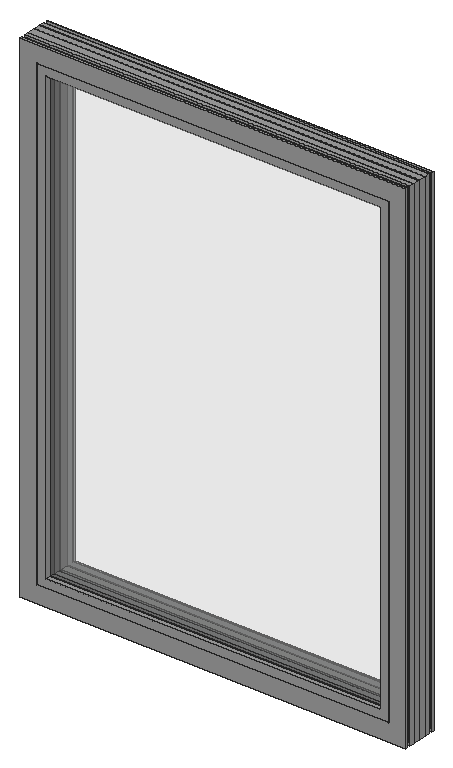
Revit family "Windows_Purso_LK90eco_Single-Sash_Fixed-Window", category Windows, host Wall, Revit 2018
Family settings
  Host = Wall
  OmniClass Number = 23.30.20.00
  OmniClass Title = Windows
  Always vertical = Yes
  Cut with Voids When Loaded = No
  Shared = No
  Room Calculation Point = No
Parameters (values of type "1000mm x 1300mm")
  URL = "https://purso.fi/en/products/lk90eco-window-system/"
  Type Comments = "1000mm x 1300mm"  # constant formula
  Rough Width [instance] = Width + (2 * Gap)  # 1020 mm
  Rough Height [instance] = Height + (2 * Gap)  # 1320 mm
  Product data url = "https://www.bimobject.com/en/purso/product/lk90eco-fixed-window"
  Product Guid = "9380d60f-9e04-48e6-8761-fb8f50c428d5"  # constant formula
  Model = "LK90eco fixed window"  # constant formula
  Manufacturer = "Purso"  # constant formula
  Keynote = "08500"
  Inset [instance] = 50 mm
  Height = 1300 mm
  Gap [instance] = 10 mm
  Frame Material = Default
  Edition number = 1
  Description = "Thermally highly insulated Window, fixed"  # constant formula
  Default Sill Height = 800 mm
  Wall Closure = By host
  Width = 1000 mm
  Assembly Code = "B2020100"
  Analytic Construction = "<None>"
Reference planes
  plane 1 "Center (Front/Back)": y = 0
  plane 2 "Center (Left/Right)": x = 0
  plane 3 "Left": x = -510
  plane 4 "Right": x = 510
  plane 5 "Sill": z = 800
  plane 6 "Head": z = 2120
  plane 7 "Exterior": y = 100
  plane 8 "Interior": y = -100
  plane 9 "Inset": y = 50
  plane 10: x = -500
  plane 11: x = 500
  plane 12: z = 2110
  plane 13: z = 810
  plane 14: z = 1460
  plane 15: x = -449
  plane 16: x = 449
  plane 17: z = 861
  plane 18: z = 2059
  plane 19: x = -431
  plane 20: x = 431
  plane 21: z = 879
  plane 22: z = 2041
Forms (mm)
  Sweep 1, solid, material "Default" <- "Frame Material", detail levels medium+fine
    path origin (-2050.312, 50, 1000) x (-1, 0, 0) y (0, 0, 1)
      loop
        line (-1550.312, 1110) -> (-2550.312, 1110) -> (-2550.312, -190) -> (-1550.312, -190) -> (-1550.312, 1110)
    profile origin (-500, 50, 1460) x (1, 0, 0) y (0, 1, 0)
      loop
        line (0, 0) -> (0, -4.5) -> (5, -4.5) -> (5, -13.426) -> (22, -13.426) -> (39, -13.426) -> (39, -2) -> (61, -2) -> (61, -5) -> (64.985, -5) -> (69, -5) -> (69, 0) -> (0, 0)
      loop
        line (5, -76.574) -> (5, -85.5) -> (0, -85.5) -> (0, -90) -> (44, -90) -> (44, -85.5) -> (39, -85.5) -> (39, -76.574) -> (22.448, -76.574) -> (5, -76.574)
  Sweep 2, solid, material "Default" <- "Frame Material", detail levels medium+fine
    path origin (-2050.312, 50, 1000) x (-1, 0, 0) y (0, 0, 1)
      loop
        line (-1550.312, 1110) -> (-2550.312, 1110) -> (-2550.312, -190) -> (-1550.312, -190) -> (-1550.312, 1110)
    profile origin (-500, 50, 1460) x (1, 0, 0) y (0, 1, 0)
      loop
        line (0, -63.914) -> (0, -69.226) -> (0, -75.449) -> (5.3, -75.449) -> (5.3, -76.574) -> (10.375, -76.574) -> (10.375, -73.277) -> (33.625, -73.277) -> (33.625, -76.574) -> (38.7, -76.574) -> (38.7, -75.4) -> (44, -75.4) -> (44, -63.914) -> (40.797, -63.914) -> (40.797, -64.714) -> (36.695, -64.714) -> (36.695, -67.762) -> (7.305, -67.762) -> (7.305, -64.714) -> (3.203, -64.714) -> (3.203, -63.914) -> (0, -63.914)
      loop
        line (0, -26.085) -> (3.203, -26.085) -> (3.203, -25.285) -> (7.305, -25.285) -> (7.305, -22.237) -> (36.695, -22.237) -> (36.695, -25.285) -> (40.797, -25.285) -> (40.797, -26.085) -> (44, -26.085) -> (44, -14.55) -> (38.7, -14.55) -> (38.7, -13.425) -> (33.625, -13.425) -> (33.625, -16.722) -> (10.375, -16.722) -> (10.375, -13.425) -> (5.3, -13.425) -> (5.3, -14.55) -> (0, -14.55) -> (0, -20.806) -> (0, -26.085)
  Sweep 3, solid, material "Default" <- "Frame Material", detail levels medium+fine
    path origin (-2050.312, 50, 1000) x (-1, 0, 0) y (0, 0, 1)
      loop
        line (-1550.312, 1110) -> (-2550.312, 1110) -> (-2550.312, -190) -> (-1550.312, -190) -> (-1550.312, 1110)
    profile origin (-500, 50, 1460) x (1, 0, 0) y (0, 1, 0)
      loop
        line (44, -89.3) -> (66, -89.3) -> (66, -75.4) -> (39.524, -75.4) -> (39.524, -85.5) -> (44, -85.5) -> (44, -89.3)
  Sweep 4, solid, material "Rubber - Purso - Rubber Black", detail levels medium+fine
    path origin (-2050.312, 50, 1000) x (-1, 0, 0) y (0, 0, 1)
      loop
        line (-1550.312, 1110) -> (-2550.312, 1110) -> (-2550.312, -190) -> (-1550.312, -190) -> (-1550.312, 1110)
    profile origin (-500, 50, 1460) x (1, 0, 0) y (0, 1, 0)
      loop
        line (69, -5) -> (59.499, -5) -> (59.499, -9) -> (70.889, -9) -> (69, -5)
      loop
        line (44, -22.299) -> (44, -75.4) -> (66.03, -75.4) -> (66.899, -64) -> (49, -64) -> (49, -25.186) -> (44, -22.299)
  Extrusion 5, solid, material "Glass - Purso -Clear Glazing", detail levels medium+fine
    sketch origin (0, 0, 0) x (1, 0, 0) y (0, 1, 0)
      loop
        line (-449, -9) -> (-449, -14) -> (449, -14) -> (449, -9) -> (-449, -9)
      loop
        line (-449, 15.5) -> (-449, 11.5) -> (449, 11.5) -> (449, 15.5) -> (-449, 15.5)
      loop
        line (-449, 41) -> (-449, 36) -> (449, 36) -> (449, 41) -> (-449, 41)
    from 861 to 2059
  Sweep 6, solid, material "Default" <- "Frame Material", detail levels coarse
    path origin (-2050.312, 50, 1000) x (-1, 0, 0) y (0, 0, 1)
      loop
        line (-1619.312, 1041) -> (-2481.312, 1041) -> (-2481.312, -121) -> (-1619.312, -121) -> (-1619.312, 1041)
    profile origin (-431, 50, 1460) x (1, 0, 0) y (0, 1, 0)
      loop
        line (0, -90) -> (0, 0) -> (-69, 0) -> (-69, -90) -> (0, -90)
  Extrusion 7, solid, material "Glass - Purso -Clear Glazing", detail levels coarse
    sketch origin (0, 0, 0) x (1, 0, 0) y (0, 1, 0)
      loop
        line (-431, 50) -> (-431, -40) -> (431, -40) -> (431, 50) -> (-431, 50)
    from 879 to 2041
  Sweep 8, solid, material "Rubber - Purso - Rubber Black", detail levels medium+fine
    path origin (-2050.312, 50, 1000) x (-1, 0, 0) y (0, 0, 1)
      loop
        line (-1619.312, 1041) -> (-2481.312, 1041) -> (-2481.312, -121) -> (-1619.312, -121) -> (-1619.312, 1041)
    profile origin (-431, 50, 1460) x (1, 0, 0) y (0, 1, 0)
      loop
        line (-8.5, -34.5) -> (-8.5, -14) -> (-12.75, -14) -> (-15, -16.25) -> (-15, -32.25) -> (-12.75, -34.5) -> (-8.5, -34.5)
      loop
        line (-8.5, -59) -> (-8.5, -38.5) -> (-12.75, -38.5) -> (-15, -40.75) -> (-15, -56.75) -> (-12.75, -59) -> (-8.5, -59)
  Sweep 9, solid, material "Default" <- "Frame Material", detail levels medium+fine
    path origin (-2050.312, 50, 1000) x (-1, 0, 0) y (0, 0, 1)
      loop
        line (-1550.312, 1110) -> (-2550.312, 1110) -> (-2550.312, -190) -> (-1550.312, -190) -> (-1550.312, 1110)
    profile origin (-500, 50, 1460) x (0, 1, 0) y (-1, 0, 0)
      loop
        line (-26.085, 0) -> (-42.999, 0) -> (-42.999, -4.5) -> (-46.999, -4.5) -> (-46.999, 0) -> (-63.913, 0) -> (-63.913, -44) -> (-46.999, -44) -> (-46.999, -39.5) -> (-42.999, -39.5) -> (-42.999, -44) -> (-26.085, -44) -> (-26.085, 0)
Lines and regions (mm)
  Opening 1
    outline origin (3500, -100, 0) x (1, 0, 0) y (0, 0, 1)
      loop
        line (-2990, 800) -> (-2990, 2120) -> (-4010, 2120) -> (-4010, 800) -> (-2990, 800)
  Masking region 1
    outline origin (0, 0, 0) x (1, 0, 0) y (0, 1, 0)
      loop
        line (-510, 100) -> (-510, -100) -> (510, -100) -> (510, 100) -> (-510, 100)
Text (mm)
  text "EXTERIOR" at (-1963.203, 1332.353, 0), in view "Ref. Level"
  text "INTERIOR" at (-1981.466, -818.386, 0), in view "Ref. Level"
  text "Exterior" at (0, 923.751, 2943.296), in view "Right"
  text "Exterior" at (0, 1040.484, 2685.409), in view "Left"
Dimensions and locks
  equal spacing: plane 3 "Left", plane 2 "Center (Left/Right)", plane 4 "Right"  (x2)
  "Rough Width": plane 3 "Left" to plane 4 "Right"
  "Rough Height": plane 5 "Sill" to plane 6 "Head"
  "Default Sill Height": plane 5 "Sill" to level
  locked: plane 7 "Exterior" to host wall at 0
  locked: plane 8 "Interior" to host wall
  "Inset": plane 9 "Inset" to plane 7 "Exterior"
  plane 3 "Left" to plane 4 "Right" = 1020 mm
  "Gap": plane 3 "Left" to plane 10
  "Gap": plane 4 "Right" to plane 11
  "Gap": plane 6 "Head" to plane 12
  "Gap": plane 13 to plane 5 "Sill"
  equal spacing: plane 6 "Head", plane 14, plane 5 "Sill"
  locked: plane 10 to plane 15 at 51
  locked: plane 16 to plane 11 at 51
  locked: plane 12 to plane 18 at 51
  locked: plane 17 to plane 13 at 51
  locked: plane 9 "Inset" to Extrusion 5 sketch curve at 9
  locked: Extrusion 5 sketch curve to Extrusion 5 sketch curve at 5
  Extrusion 5 sketch curve to Extrusion 5 sketch curve to Extrusion 5 sketch curve to Extrusion 5 sketch curve to Extrusion 5 sketch curve = 20.5 mm locked, 4 mm locked, 20.5 mm locked, 5 mm locked
  locked: plane 15 to plane 19 at 18
  locked: plane 20 to plane 16 at 18
  locked: plane 21 to plane 17 at 18
  locked: plane 18 to plane 22 at 18
  locked: plane 9 "Inset" to Extrusion 7 sketch curve at 90
  aligned and locked: plane 10 to Sweep 1 sketch curve
  aligned and locked: Sweep 1 sketch curve to plane 12
  aligned and locked: Sweep 1 sketch curve to plane 11
  aligned and locked: plane 13 to Sweep 1 sketch curve
  aligned and locked: plane 10 to Sweep 2 sketch curve
  aligned and locked: Sweep 2 sketch curve to plane 12
  aligned and locked: Sweep 2 sketch curve to plane 11
  aligned and locked: plane 13 to Sweep 2 sketch curve
  aligned and locked: plane 10 to Sweep 3 sketch curve
  aligned and locked: Sweep 3 sketch curve to plane 12
  aligned and locked: Sweep 3 sketch curve to plane 11
  aligned and locked: plane 13 to Sweep 3 sketch curve
  aligned and locked: plane 10 to Sweep 4 sketch curve
  aligned and locked: Sweep 4 sketch curve to plane 12
  aligned and locked: Sweep 4 sketch curve to plane 11
  aligned and locked: plane 13 to Sweep 4 sketch curve
  aligned and locked: plane 15 to Extrusion 5 sketch curve  (x3)
  aligned and locked: plane 16 to Extrusion 5 sketch curve  (x3)
  aligned and locked: Extrusion 5 to plane 17
  aligned and locked: plane 18 to Extrusion 5
  aligned and locked: Sweep 6 sketch curve to plane 20
  aligned and locked: plane 22 to Sweep 6 sketch curve
  aligned and locked: Sweep 6 sketch curve to plane 19
  aligned and locked: plane 21 to Sweep 6 sketch curve
  aligned and locked: Extrusion 7 sketch curve to plane 9 "Inset"
  aligned and locked: Extrusion 7 sketch curve to plane 20
  aligned and locked: Extrusion 7 sketch curve to plane 19
  aligned and locked: Extrusion 7 to plane 22
  aligned and locked: Extrusion 7 to plane 21
  aligned and locked: plane 7 "Exterior" to Masking region 1 sketch curve
  aligned and locked: Masking region 1 sketch curve to plane 8 "Interior"
  aligned and locked: plane 22 to Sweep 8 sketch curve
  aligned and locked: Sweep 8 sketch curve to plane 20
  aligned and locked: plane 21 to Sweep 8 sketch curve
  aligned and locked: Sweep 8 sketch curve to plane 19
  aligned and locked: plane 10 to Sweep 9 sketch curve
  aligned and locked: plane 13 to Sweep 9 sketch curve
  aligned and locked: plane 11 to Sweep 9 sketch curve
  aligned and locked: plane 12 to Sweep 9 sketch curve
  aligned and locked: Masking region 1 sketch curve to plane 3 "Left"
  aligned and locked: plane 4 "Right" to Masking region 1 sketch curve
  aligned and locked: nested 1 to plane 2 "Center (Left/Right)"
  aligned and locked: nested 1 to plane 9 "Inset"
Automatic sketch dimensions
  Opening 1 sketch curve to plane 3 "Left" = 0 mm
  Opening 1 sketch curve to plane 4 "Right" = 0 mm
  Opening 1 sketch curve to plane 5 "Sill" = 0 mm
  Opening 1 sketch curve to plane 6 "Head" = 0 mm
  Sweep 1 sketch curve to profile plane = 0 mm  (x2)
  Sweep 1 sketch curve to Sweep 1 sketch curve = 5 mm  (x3)
  Sweep 1 sketch curve to profile plane = 5 mm
  Sweep 1 sketch curve to Sweep 1 sketch curve = 17.449 mm
  Sweep 1 sketch curve to Sweep 1 sketch curve = 22 mm
  Sweep 1 sketch curve to Sweep 1 sketch curve = 3.985 mm
  Sweep 1 sketch curve to Sweep 1 sketch curve = 4.015 mm
  Sweep 1 sketch curve to Sweep 1 sketch curve = 4.5 mm  (x2)
  Sweep 1 sketch curve to Sweep 1 sketch curve = 63.148 mm
  Sweep 1 sketch curve to Sweep 1 sketch curve = 8.926 mm  (x2)
  Sweep 1 sketch curve to Sweep 1 sketch curve = 8.426 mm
  Sweep 1 sketch curve to Sweep 1 sketch curve = 11.426 mm
  Sweep 2 sketch curve to profile plane = 0 mm  (x2)
  Sweep 2 sketch curve to profile plane = 5.3 mm  (x2)
  Sweep 2 sketch curve to profile plane = 3.203 mm  (x2)
  Sweep 2 sketch curve to Sweep 2 sketch curve = 4.102 mm  (x3)
  Sweep 2 sketch curve to Sweep 2 sketch curve = 5.075 mm  (x3)
  Sweep 2 sketch curve to Sweep 2 sketch curve = 23.25 mm  (x2)
  Sweep 2 sketch curve to Sweep 2 sketch curve = 5.3 mm  (x2)
  Sweep 2 sketch curve to plane 9 "Inset" = 76.574 mm
  Sweep 2 sketch curve to Sweep 2 sketch curve = 0 mm
  Sweep 2 sketch curve to Sweep 2 sketch curve = 1.125 mm  (x3)
  Sweep 2 sketch curve to Sweep 2 sketch curve = 1.174 mm
  Sweep 2 sketch curve to Sweep 2 sketch curve = 3.297 mm  (x2)
  Sweep 2 sketch curve to Sweep 2 sketch curve = 3.049 mm  (x3)
  Sweep 2 sketch curve to Sweep 2 sketch curve = 0.8 mm  (x4)
  Sweep 2 sketch curve to plane 9 "Inset" = 26.085 mm  (x2)
  Sweep 4 sketch curve to plane 9 "Inset" = 9 mm
  Sweep 4 sketch curve to profile plane = 59.499 mm
  Sweep 4 sketch curve to plane 9 "Inset" = 5 mm
  Sweep 4 sketch curve to Sweep 4 sketch curve = 9.501 mm
  Sweep 4 sketch curve to Sweep 4 sketch curve = 1.889 mm
  Sweep 4 sketch curve to Sweep 4 sketch curve = 10.499 mm
  Sweep 4 sketch curve to Sweep 4 sketch curve = 13.3 mm
  Sweep 4 sketch curve to Sweep 4 sketch curve = 2.887 mm
  Sweep 4 sketch curve to Sweep 4 sketch curve = 38.814 mm
  Sweep 4 sketch curve to Sweep 4 sketch curve = 5 mm
  Sweep 4 sketch curve to Sweep 4 sketch curve = 17.03 mm
  Sweep 4 sketch curve to Sweep 4 sketch curve = 0.868 mm
  Sweep 4 sketch curve to Sweep 4 sketch curve = 11.4 mm
  Sweep 6 sketch curve to plane 9 "Inset" = 0 mm
  Sweep 6 sketch curve to profile plane = 0 mm
  profile plane to Sweep 6 sketch curve = 69 mm
  Sweep 6 sketch curve to plane 9 "Inset" = 90 mm
  profile plane to Sweep 8 sketch curve = 15 mm
  Sweep 8 sketch curve to Sweep 8 sketch curve = 2.25 mm  (x9)
  Sweep 8 sketch curve to Sweep 8 sketch curve = 4.25 mm  (x2)
  Sweep 8 sketch curve to plane 9 "Inset" = 34.5 mm
  Sweep 8 sketch curve to Sweep 8 sketch curve = 16 mm  (x2)
  Sweep 8 sketch curve to Sweep 8 sketch curve = 4 mm
  Sweep 9 sketch curve to profile plane = 0 mm  (x2)
  Sweep 9 sketch curve to plane 9 "Inset" = 63.913 mm
  Sweep 9 sketch curve to plane 9 "Inset" = 26.085 mm
  profile plane to Sweep 9 sketch curve = 44 mm
  Sweep 9 sketch curve to Sweep 9 sketch curve = 16.914 mm  (x2)
  profile plane to Sweep 9 sketch curve = 4.5 mm
  Sweep 9 sketch curve to Sweep 9 sketch curve = 4.5 mm
  Sweep 9 sketch curve to Sweep 9 sketch curve = 4 mm  (x2)
  Sweep 9 sketch curve to Sweep 9 sketch curve = 0 mm
  Sweep 1 sketch curve to plane 9 "Inset" = 4.5 mm
  Sweep 1 sketch curve to plane 9 "Inset" = 0 mm
  Sweep 1 sketch curve to Sweep 1 sketch curve = 17 mm  (x2)
  Sweep 1 sketch curve to Sweep 1 sketch curve = 0 mm  (x3)
  Sweep 1 sketch curve to Sweep 1 sketch curve = 16.552 mm
  Sweep 2 sketch curve to Sweep 2 sketch curve = 3.203 mm  (x2)
  Sweep 2 sketch curve to Sweep 2 sketch curve = 3.07 mm  (x2)
  Sweep 2 sketch curve to Sweep 2 sketch curve = 5.515 mm  (x2)
  Sweep 2 sketch curve to Sweep 2 sketch curve = 2.172 mm
  Sweep 2 sketch curve to Sweep 2 sketch curve = 5.279 mm
  Sweep 2 sketch curve to Sweep 2 sketch curve = 6.223 mm
  Sweep 3 sketch curve to profile plane = 39.524 mm
  Sweep 3 sketch curve to Sweep 3 sketch curve = 4.476 mm
  Sweep 3 sketch curve to Sweep 3 sketch curve = 22 mm
  Sweep 3 sketch curve to plane 9 "Inset" = 89.3 mm
  Sweep 3 sketch curve to Sweep 3 sketch curve = 3.8 mm
  Sweep 3 sketch curve to Sweep 3 sketch curve = 13.9 mm
Nested families
  nested 1: "Purso_Fixed-Window-Opening" at (0, 50, 0), type "Purso_Fixed-Window-Opening"
Definition of nested family "Purso_Fixed-Window-Opening"
  Parameters (values of type "Purso_Fixed-Window-Opening")
    Width = 1000 mm
  Reference planes
    plane 1 "Center (Front/Back)": y = 0
    plane 2: z = 0
    plane 3 "Center (Left/Right)": x = 0
    plane 4: x = -500
    plane 5: x = 500
    plane 6: y = -90
    plane 7: x = -434
    plane 8: x = 434
    plane 9: x = -449
    plane 10: x = 449
    plane 11: y = -9
    plane 12: y = -64
  Lines and regions (mm)
    detail lines, in view "Ref. Level", detail levels coarse
      curve 1: line (-434, -90, 0) -> (434, -90, 0)
      curve 2: line (-434, -45, 0) -> (434, -45, 0)
      curve 3: line (-434, 0, 0) -> (434, 0, 0)
    detail lines, in view "Ref. Level", detail levels medium+fine
      curve 4: line (449, -9, 0) -> (-449, -9, 0)
      curve 5: line (449, -64, 0) -> (-449, -64, 0)
    detail lines, in view "Ref. Level", detail levels medium
      curve 6: line (449, -36.5, 0) -> (-449, -36.5, 0)
    detail lines, in view "Ref. Level", detail levels fine
      curve 7: line (449, -59, 0) -> (-449, -59, 0)
      curve 8: line (449, -38.5, 0) -> (-449, -38.5, 0)
      curve 9: line (449, -34.5, 0) -> (-449, -34.5, 0)
      curve 10: line (449, -14, 0) -> (-449, -14, 0)
      curve 11: line (449, -9, 0) -> (449, -64, 0)
      curve 12: line (-449, -9, 0) -> (-449, -64, 0)
  Dimensions and locks
    equal spacing: plane 4, plane 3 "Center (Left/Right)", plane 5
    "Width": plane 4 to plane 5
    locked: plane 1 "Center (Front/Back)" to plane 6 at 90
    locked: plane 4 to plane 7 at 66
    locked: plane 8 to plane 5 at 66
    equal spacing: curve 1, curve 2, curve 3
    locked: plane 4 to plane 9 at 51
    locked: plane 10 to plane 5 at 51
    plane 12 to plane 11 to plane 1 "Center (Front/Back)" = 55 mm locked, 9 mm locked
    equal spacing: curve 4, curve 6, curve 5
    aligned and locked: plane 8 to curve 3
    aligned and locked: plane 8 to curve 2
    aligned and locked: plane 8 to curve 1
    aligned and locked: plane 7 to curve 3
    aligned and locked: plane 7 to curve 2
    aligned and locked: plane 7 to curve 1
    aligned and locked: curve 1 to plane 6
    aligned and locked: plane 9 to curve 8
    aligned and locked: plane 9 to curve 7
    aligned and locked: plane 10 to curve 8
    aligned and locked: plane 11 to curve 11
    aligned and locked: plane 12 to curve 11
    aligned and locked: curve 11 to plane 10
    aligned and locked: plane 11 to curve 12
    aligned and locked: plane 12 to curve 12
    aligned and locked: plane 4 to nested 1
    aligned and locked: plane 1 "Center (Front/Back)" to nested 1
    aligned and locked: plane 5 to nested 2
    aligned and locked: nested 2 to plane 1 "Center (Front/Back)"
  Automatic sketch dimensions
    plane 1 "Center (Front/Back)" to curve 3 = 0 mm
    curve 5 to curve 7 = 5 mm
    curve 8 to curve 6 = 2 mm
    curve 6 to curve 9 = 2 mm
    curve 10 to plane 11 = 5 mm
  Nested families
    nested 1: "Purso_Fixed-Window-Opening_Profil" at (-500, 0, 0), type "Purso_Fixed-Window-Opening_Profil", in view "Ref. Level"
    nested 2: "Purso_Fixed-Window-Opening_Profil" at (500, 0, 0) x (-1, 0, 0) z (0, 0, 1), type "Purso_Fixed-Window-Opening_Profil", in view "Ref. Level"
  Definition of nested family "Purso_Fixed-Window-Opening_Profil"
    Reference planes
      plane 1 "Center (Front/Back)": y = 0
      plane 2: z = 0
      plane 3 "Center (Left/Right)": x = 0
    Lines and regions (mm)
      Filled region 1, type "White", in view "Ref. Level", detail levels fine
        outline origin (0, -90, 0) x (0, -1, 0) y (1, 0, 0)
          loop
            line (-90, 0) -> (-85.5, 0) -> (-85.5, 1.6) -> (-87.9, 1.6) -> (-87.9, 5) -> (-76.575, 5) -> (-76.575, 8.575) -> (-77.834, 8.575) -> (-79.801, 7.829) -> (-79.801, 9.475) -> (-79.434, 11.62) -> (-77.278, 10.375) -> (-77.3, 11.735)
            arc (-77.3, 11.735) -> (-77.568, 12.735) -> (-78.3, 13.467) r 2
            line (-78.3, 13.467) -> (-81.4, 15.257)
            arc (-81.4, 15.257) -> (-82.132, 15.989) -> (-82.4, 16.989) r 2
            line (-82.4, 16.989) -> (-82.4, 27.011)
            arc (-82.4, 27.011) -> (-82.132, 28.011) -> (-81.4, 28.743) r 2
            line (-81.4, 28.743) -> (-78.3, 30.533)
            arc (-78.3, 30.533) -> (-77.568, 31.265) -> (-77.3, 32.265) r 2
            line (-77.3, 32.265) -> (-77.278, 33.625) -> (-79.434, 32.38) -> (-79.801, 34.525) -> (-79.801, 36.171) -> (-77.834, 35.425) -> (-76.575, 35.425) -> (-76.575, 39) -> (-88, 39) -> (-88, 61) -> (-86.2, 61) -> (-86.2, 59.6) -> (-85, 59.6) -> (-85, 63.399) -> (-86, 63.399) -> (-86, 62.362) -> (-88.6, 62.82) -> (-88.6, 67.18) -> (-86, 67.638) -> (-86, 66.699) -> (-85, 66.699) -> (-85, 69) -> (-90, 69) -> (-90, 0)
          loop
            line (-81.501, 6.5) -> (-81.501, 13.25) -> (-88.3, 13.25) -> (-88.3, 6.5) -> (-86, 6.5) -> (-86, 9) -> (-84.5, 9) -> (-84.5, 6.5) -> (-81.501, 6.5)
          loop
            line (-88.3, 14.503) -> (-84.1, 14.503) -> (-84.1, 29.496) -> (-88.3, 29.496) -> (-88.3, 14.503)
          loop
            line (-88.3, 30.75) -> (-81.501, 30.75) -> (-81.501, 37.5) -> (-84.5, 37.5) -> (-84.5, 35) -> (-86, 35) -> (-86, 37.5) -> (-88.3, 37.5) -> (-88.3, 30.75)
          loop
            line (-13.426, 5) -> (-2.1, 5) -> (-2.1, 1.6) -> (-4.5, 1.6) -> (-4.5, 0) -> (0, 0) -> (0, 44) -> (-4.5, 44) -> (-4.5, 42.4) -> (-2.1, 42.4) -> (-2.1, 39) -> (-13.426, 39) -> (-13.426, 35.425) -> (-12.167, 35.425) -> (-10.2, 36.171) -> (-10.2, 34.525) -> (-10.567, 32.38) -> (-12.723, 33.625) -> (-12.7, 32.265)
            arc (-12.7, 32.265) -> (-12.432, 31.265) -> (-11.7, 30.533) r 2
            line (-11.7, 30.533) -> (-8.601, 28.743)
            arc (-8.601, 28.743) -> (-7.869, 28.011) -> (-7.601, 27.011) r 2
            line (-7.601, 27.011) -> (-7.601, 16.989)
            arc (-7.601, 16.989) -> (-7.869, 15.989) -> (-8.601, 15.257) r 2
            line (-8.601, 15.257) -> (-11.7, 13.467)
            arc (-11.7, 13.467) -> (-12.432, 12.735) -> (-12.7, 11.735) r 2
            line (-12.7, 11.735) -> (-12.723, 10.375) -> (-10.567, 11.62) -> (-10.2, 9.475) -> (-10.2, 7.829) -> (-12.167, 8.575) -> (-13.426, 8.575) -> (-13.426, 5)
          loop
            line (-1.701, 6.5) -> (-1.701, 13.25) -> (-8.5, 13.25) -> (-8.5, 6.5) -> (-5.501, 6.5) -> (-5.501, 9) -> (-4.001, 9) -> (-4.001, 6.5) -> (-1.701, 6.5)
          loop
            line (-1.701, 14.503) -> (-1.701, 29.497) -> (-5.901, 29.497) -> (-5.901, 14.503) -> (-1.701, 14.503)
          loop
            line (-1.701, 30.75) -> (-1.701, 37.5) -> (-4.001, 37.5) -> (-4.001, 35) -> (-5.501, 35) -> (-5.501, 37.5) -> (-8.5, 37.5) -> (-8.5, 30.75) -> (-1.701, 30.75)
      Filled region 2, type "White", in view "Ref. Level", detail levels fine
        outline origin (0, -90, 0) x (0, -1, 0) y (1, 0, 0)
          loop
            line (-0.7, 44) -> (-0.7, 66) -> (-14.2, 66) -> (-14.2, 64) -> (-15.7, 64) -> (-15.7, 62) -> (-14.2, 62) -> (-14.2, 57.312) -> (-14.6, 56.619) -> (-14.6, 42.2) -> (-16.318, 42.2) -> (-15.331, 40.085)
            arc (-15.331, 40.085) -> (-14.194, 39.524) -> (-13.4, 40.513) r 1.013
            line (-13.4, 40.513) -> (-13.4, 56.273) -> (-12.8, 57.312) -> (-12.8, 63.6)
            arc (-12.8, 63.6) -> (-12.507, 64.307) -> (-11.8, 64.6) r 1
            line (-11.8, 64.6) -> (-3.6, 64.6)
            arc (-3.6, 64.6) -> (-2.539, 64.161) -> (-2.1, 63.1) r 1.5
            line (-2.1, 63.1) -> (-2.1, 49.4)
            arc (-2.1, 49.4) -> (-2.393, 48.693) -> (-3.1, 48.4) r 1
            line (-3.1, 48.4) -> (-4.4, 48.4)
            arc (-4.4, 48.4) -> (-5.968, 47.7) -> (-6.421, 46.044) r 2.008
            line (-6.421, 46.044) -> (-5.497, 40.8) -> (-4.5, 40.8) -> (-4.5, 47) -> (-2, 47) -> (-2, 44) -> (-0.7, 44)
      Filled region 3, type "White", in view "Ref. Level", detail levels fine
        outline origin (0, -90, 0) x (0, -1, 0) y (1, 0, 0)
          loop
            line (-71.976, 1) -> (-71.306, 3.5) -> (-66.915, 3.5) -> (-66.915, 1) -> (-67.915, 1) -> (-67.915, 0.2) -> (-63.915, 0.2) -> (-63.915, 3.203) -> (-64.915, 3.203) -> (-64.915, 2.203) -> (-65.715, 2.203) -> (-65.715, 6.305) -> (-64.715, 6.305) -> (-64.715, 7.305) -> (-67.715, 7.305) -> (-67.715, 6.305) -> (-66.715, 6.305) -> (-66.715, 4.903) -> (-70.893, 4.903) -> (-70.278, 9.434) -> (-70.278, 10.338) -> (-68.764, 10.338) -> (-68.764, 9.338) -> (-67.764, 9.338) -> (-67.764, 12.338) -> (-68.764, 12.338) -> (-68.764, 11.338) -> (-70.278, 11.338) -> (-70.278, 21.5) -> (-68.764, 21.5) -> (-68.764, 20.5) -> (-67.764, 20.5) -> (-67.764, 23.5) -> (-68.764, 23.5) -> (-68.764, 22.5) -> (-70.278, 22.5) -> (-70.278, 32.662) -> (-68.764, 32.662) -> (-68.764, 31.662) -> (-67.764, 31.662) -> (-67.764, 34.662) -> (-68.764, 34.662) -> (-68.764, 33.662) -> (-70.278, 33.662) -> (-70.278, 34.566) -> (-70.893, 39.097) -> (-66.715, 39.097) -> (-66.715, 37.695) -> (-67.715, 37.695) -> (-67.715, 36.695) -> (-64.715, 36.695) -> (-64.715, 37.695) -> (-65.715, 37.695) -> (-65.715, 41.797) -> (-64.915, 41.797) -> (-64.915, 40.797) -> (-63.915, 40.797) -> (-63.915, 43.8) -> (-67.915, 43.8) -> (-67.915, 43) -> (-66.915, 43) -> (-66.915, 40.5) -> (-71.306, 40.5) -> (-71.976, 43) -> (-70.915, 43) -> (-70.915, 44) -> (-75.45, 44) -> (-75.45, 42.4) -> (-73.35, 42.4) -> (-73.35, 38.7) -> (-76.059, 38.7) -> (-76.059, 37.524) -> (-72.815, 37.524) -> (-72.815, 35.425) -> (-77.834, 35.425) -> (-79.801, 36.171) -> (-79.801, 34.525) -> (-79.434, 32.38) -> (-77.278, 33.625) -> (-73.278, 33.625) -> (-73.278, 10.375) -> (-77.278, 10.375) -> (-79.434, 11.62) -> (-79.801, 9.475) -> (-79.801, 7.829) -> (-77.834, 8.575) -> (-72.815, 8.575) -> (-72.815, 6.476) -> (-76.059, 6.476) -> (-76.059, 5.3) -> (-73.35, 5.3) -> (-73.35, 1.6) -> (-75.45, 1.6) -> (-75.45, 0) -> (-70.915, 0) -> (-70.915, 1) -> (-71.976, 1)
      Filled region 4, type "White", in view "Ref. Level", detail levels fine
        outline origin (0, 0.001, 0) x (1, 0, 0) y (0, 1, 0)
          loop
            line (1, -71.976) -> (1, -70.915) -> (0, -70.915) -> (0, -75.45) -> (1.6, -75.45) -> (1.6, -73.35) -> (5.3, -73.35) -> (5.3, -76.059) -> (6.476, -76.059) -> (6.476, -72.815) -> (8.575, -72.815) -> (8.575, -77.834) -> (7.829, -79.801) -> (9.475, -79.801) -> (11.62, -79.434) -> (10.375, -77.278) -> (10.375, -73.278) -> (33.625, -73.278) -> (33.625, -77.278) -> (32.38, -79.434) -> (34.525, -79.801) -> (36.171, -79.801) -> (35.425, -77.834) -> (35.425, -72.815) -> (37.524, -72.815) -> (37.524, -76.059) -> (38.7, -76.059) -> (38.7, -73.35) -> (42.4, -73.35) -> (42.4, -75.402) -> (44, -75.402) -> (44, -70.915) -> (43, -70.915) -> (43, -71.976) -> (40.5, -71.306) -> (40.5, -66.915) -> (43, -66.915) -> (43, -67.915) -> (43.8, -67.915) -> (43.8, -63.915) -> (40.797, -63.915) -> (40.797, -64.915) -> (41.797, -64.915) -> (41.797, -65.715) -> (37.695, -65.715) -> (37.695, -64.715) -> (36.695, -64.715) -> (36.695, -67.715) -> (37.695, -67.715) -> (37.695, -66.715) -> (39.097, -66.715) -> (39.097, -70.893) -> (34.566, -70.278) -> (33.662, -70.278) -> (33.662, -68.764) -> (34.662, -68.764) -> (34.662, -67.764) -> (31.662, -67.764) -> (31.662, -68.764) -> (32.662, -68.764) -> (32.662, -70.278) -> (22.5, -70.278) -> (22.5, -68.764) -> (23.5, -68.764) -> (23.5, -67.764) -> (20.5, -67.764) -> (20.5, -68.764) -> (21.5, -68.764) -> (21.5, -70.278) -> (11.338, -70.278) -> (11.338, -68.764) -> (12.338, -68.764) -> (12.338, -67.764) -> (9.338, -67.764) -> (9.338, -68.764) -> (10.338, -68.764) -> (10.338, -70.278) -> (9.434, -70.278) -> (4.903, -70.893) -> (4.903, -66.715) -> (6.305, -66.715) -> (6.305, -67.715) -> (7.305, -67.715) -> (7.305, -64.715) -> (6.305, -64.715) -> (6.305, -65.715) -> (2.203, -65.715) -> (2.203, -64.915) -> (3.203, -64.915) -> (3.203, -63.915) -> (0.2, -63.915) -> (0.2, -67.915) -> (1, -67.915) -> (1, -66.915) -> (3.5, -66.915) -> (3.5, -71.306) -> (1, -71.976)
      Filled region 5, type "Black", in view "Ref. Level", detail levels fine
        outline origin (0, -90, 0) x (0, -1, 0) y (1, 0, 0)
          loop
            line (-47.001, 4.5) -> (-43.001, 4.5) -> (-43.001, 0) -> (-26.087, 0) -> (-26.087, 3.203) -> (-25.087, 3.203) -> (-25.087, 2.203) -> (-24.287, 2.203) -> (-24.287, 6.305) -> (-25.287, 6.305) -> (-25.287, 7.305) -> (-22.287, 7.305) -> (-22.287, 6.305) -> (-23.287, 6.305) -> (-23.287, 4.903) -> (-19.109, 4.903) -> (-19.724, 9.434) -> (-19.724, 10.338) -> (-21.239, 10.338) -> (-21.239, 9.338) -> (-22.239, 9.338) -> (-22.239, 12.338) -> (-21.239, 12.338) -> (-21.239, 11.338) -> (-19.724, 11.338) -> (-19.724, 21.5) -> (-21.239, 21.5) -> (-21.239, 20.5) -> (-22.239, 20.5) -> (-22.239, 23.5) -> (-21.239, 23.5) -> (-21.239, 22.5) -> (-19.724, 22.5) -> (-19.724, 32.662) -> (-21.239, 32.662) -> (-21.239, 31.662) -> (-22.239, 31.662) -> (-22.239, 34.662) -> (-21.239, 34.662) -> (-21.239, 33.662) -> (-19.724, 33.662) -> (-19.724, 34.566) -> (-19.109, 39.097) -> (-23.287, 39.097) -> (-23.287, 37.695) -> (-22.287, 37.695) -> (-22.287, 36.695) -> (-25.287, 36.695) -> (-25.287, 37.695) -> (-24.287, 37.695) -> (-24.287, 41.797) -> (-25.087, 41.797) -> (-25.087, 40.797) -> (-26.087, 40.797) -> (-26.087, 44) -> (-43.001, 44) -> (-43.001, 39.5) -> (-47.001, 39.5) -> (-47.001, 44) -> (-63.915, 44) -> (-63.915, 40.797) -> (-64.915, 40.797) -> (-64.915, 41.797) -> (-65.715, 41.797) -> (-65.715, 37.695) -> (-64.715, 37.695) -> (-64.715, 36.695) -> (-67.715, 36.695) -> (-67.715, 37.695) -> (-66.715, 37.695) -> (-66.715, 39.097) -> (-70.893, 39.097) -> (-70.278, 34.566) -> (-70.278, 33.662) -> (-68.764, 33.662) -> (-68.764, 34.662) -> (-67.764, 34.662) -> (-67.764, 31.662) -> (-68.764, 31.662) -> (-68.764, 32.662) -> (-70.278, 32.662) -> (-70.278, 22.5) -> (-68.764, 22.5) -> (-68.764, 23.5) -> (-67.764, 23.5) -> (-67.764, 20.5) -> (-68.764, 20.5) -> (-68.764, 21.5) -> (-70.278, 21.5) -> (-70.278, 11.338) -> (-68.764, 11.338) -> (-68.764, 12.338) -> (-67.764, 12.338) -> (-67.764, 9.338) -> (-68.764, 9.338) -> (-68.764, 10.338) -> (-70.278, 10.338) -> (-70.278, 9.434) -> (-70.893, 4.903) -> (-66.715, 4.903) -> (-66.715, 6.305) -> (-67.715, 6.305) -> (-67.715, 7.305) -> (-64.715, 7.305) -> (-64.715, 6.305) -> (-65.715, 6.305) -> (-65.715, 2.203) -> (-64.915, 2.203) -> (-64.915, 3.203) -> (-63.915, 3.203) -> (-63.915, 0) -> (-47.001, 0) -> (-47.001, 4.5)
      Filled region 6, type "White", in view "Ref. Level", detail levels fine
        outline origin (0, -90, 0) x (0, -1, 0) y (1, 0, 0)
          loop
            line (-55.5, 60.5) -> (-76, 60.5) -> (-76, 56.25) -> (-73.75, 54) -> (-57.75, 54) -> (-55.5, 56.25) -> (-55.5, 60.5)
          loop
            line (-33.25, 54) -> (-31, 56.25) -> (-31, 60.5) -> (-51.5, 60.5) -> (-51.5, 56.25) -> (-49.25, 54) -> (-33.25, 54)
          loop
            line (-31.75, 56.207) -> (-31.75, 60) -> (-50.75, 60) -> (-50.75, 56.207) -> (-49.043, 54.5) -> (-33.458, 54.5) -> (-31.75, 56.207)
          loop
            line (-56.25, 56.207) -> (-56.25, 60) -> (-75.25, 60) -> (-75.25, 56.207) -> (-73.543, 54.5) -> (-57.958, 54.5) -> (-56.25, 56.207)
      Filled region 7, type "Black", in view "Ref. Level", detail levels fine
        outline origin (0, -90, 0) x (0, -1, 0) y (1, 0, 0)
          loop
            line (-26.969, 44) -> (-26.969, 51) -> (-29.701, 51) -> (-32.01, 47) -> (-33.978, 47) -> (-34.514, 49) -> (-35.824, 49) -> (-36.978, 47) -> (-41.178, 47) -> (-41.714, 49) -> (-43.024, 49) -> (-44.178, 47) -> (-48.378, 47) -> (-48.914, 49) -> (-50.224, 49) -> (-51.378, 47) -> (-55.578, 47) -> (-56.114, 49) -> (-57.424, 49) -> (-58.578, 47) -> (-62.969, 47) -> (-63.505, 49) -> (-64.814, 49) -> (-66.969, 45.268) -> (-66.969, 44) -> (-26.969, 44)
          loop
            line (-17.352, 56.494) -> (-14.713, 61.001) -> (-15.7, 61.36) -> (-15.7, 64) -> (-14.2, 64) -> (-14.2, 66) -> (-21.767, 66.576)
            arc (-21.767, 66.576) -> (-23.132, 66.95) -> (-24.411, 67.558) r 8.047
            arc (-24.411, 67.558) -> (-25.498, 67.399) -> (-26, 66.422) r 1.2
            line (-26, 66.422) -> (-26, 61.16) -> (-23.774, 60.564)
            arc (-23.774, 60.564) -> (-23.405, 60.117) -> (-23.705, 59.622) r 0.5
            line (-23.705, 59.622) -> (-24.622, 59.16)
            arc (-24.622, 59.16) -> (-25.602, 57.181) -> (-26, 55.009) r 7.958
            line (-26, 55.009) -> (-26, 51)
            arc (-26, 51) -> (-25.884, 48.238) -> (-24.672, 45.753) r 6.766
            arc (-24.672, 45.753) -> (-22.737, 44.378) -> (-20.389, 44.026) r 5.105
            arc (-20.389, 44.026) -> (-20.06, 44.491) -> (-20.523, 44.823) r 0.404
            arc (-20.523, 44.823) -> (-22.194, 45.066) -> (-23.65, 45.922) r 4.388
            arc (-23.65, 45.922) -> (-24.81, 48.349) -> (-24.951, 51.035) r 6.89
            line (-24.951, 51.035) -> (-24.951, 54.378) -> (-20.865, 58.279) -> (-17.39, 58.279) -> (-18.34, 57.328)
            arc (-18.34, 57.328) -> (-20.649, 53.267) -> (-21.02, 48.61) r 10.768
            arc (-21.02, 48.61) -> (-20.201, 47.135) -> (-19.232, 45.753) r 16.171
            arc (-19.232, 45.753) -> (-17.297, 44.378) -> (-14.95, 44.026) r 5.105
            arc (-14.95, 44.026) -> (-14.621, 44.491) -> (-15.084, 44.823) r 0.404
            arc (-15.084, 44.823) -> (-16.755, 45.066) -> (-18.211, 45.922) r 4.388
            arc (-18.211, 45.922) -> (-19.242, 47.388) -> (-20.1, 48.963) r 15.713
            arc (-20.1, 48.963) -> (-19.507, 53.013) -> (-17.352, 56.494) r 10.085
          loop
            arc (-24.676, 66.619) -> (-25.019, 66.921) -> (-25.335, 66.591) r 0.33
            line (-25.335, 66.591) -> (-25.335, 65.698)
            arc (-25.335, 65.698) -> (-25.093, 63.805) -> (-24.234, 62.101) r 5.65
            arc (-24.234, 62.101) -> (-23.54, 62.11) -> (-23.195, 62.713) r 0.7
            line (-23.195, 62.713) -> (-23.195, 63.673)
            arc (-23.195, 63.673) -> (-23.362, 64.126) -> (-23.782, 64.364) r 0.7
            arc (-23.782, 64.364) -> (-24.524, 65.375) -> (-24.676, 66.619) r 2.481
          loop
            circle (-19.526, 62.479) r 1.6
          loop
            line (-87.9, 63.982) -> (-86.854, 62.6) -> (-86, 62.6) -> (-86, 63.399) -> (-85, 63.399) -> (-85, 59.499) -> (-84, 59.499) -> (-84, 61.794) -> (-82.339, 59.6) -> (-81.278, 59.6) -> (-81, 63.005) -> (-81, 63.805) -> (-81.801, 63.805) -> (-82.105, 61.223) -> (-82.926, 62.818) -> (-81, 67.497) -> (-81, 70.889) -> (-85, 69) -> (-85, 66.699) -> (-86, 66.699) -> (-86, 67.499) -> (-86.847, 67.499) -> (-87.9, 66.116) -> (-87.9, 63.982)
          loop
            line (-87.116, 64.299) -> (-84.9, 64.299) -> (-84.9, 65.799) -> (-87.116, 65.799) -> (-87.116, 64.299)
      Filled region 8, type "White", in view "Ref. Level", detail levels medium
        outline origin (0, -90, 0) x (0, -1, 0) y (1, 0, 0)
          loop
            line (0, 66) -> (-26, 66) -> (-26, 51) -> (-81, 51) -> (-81, 69) -> (-90, 69) -> (-90, 0) -> (-45.004, 0) -> (0, 0) -> (0, 66)
      Filled region 9, type "White", in view "Ref. Level", detail levels coarse
        outline origin (0, -90, 0) x (0, -1, 0) y (1, 0, 0)
          loop
            line (0, 66) -> (-90, 66) -> (-90, 0) -> (0, 0) -> (0, 66)
